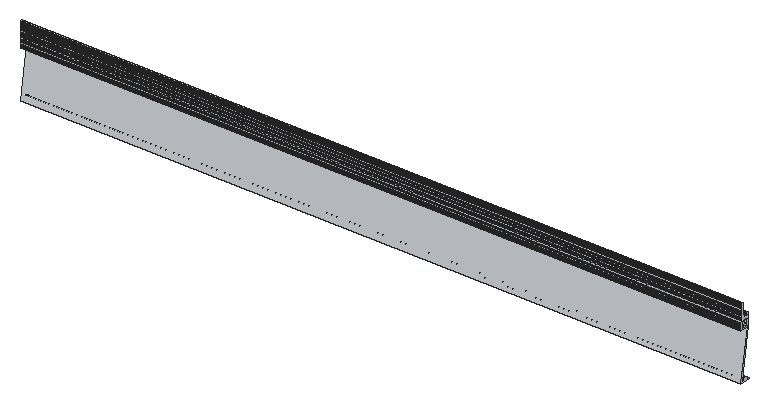
Revit family "Alcon-15244-A-Revit-Family", category Lighting Fixtures, Revit 2021
Family settings
  Round Connector Dimension = Use Diameter
  Part Type = Normal
  Work Plane-Based = No
  Always vertical = Yes
  Cut with Voids When Loaded = No
  Light Source = No
  Shared = No
  Room Calculation Point = No
Parameters (values of type "4'")
  Product Identity = "Alcon Lighting  15244-A"
  Manufacturer = "Alcon Light"
  Link To Product Page = "https://www.alconlighting.com/15244-a.html"
  Light Source = none
  Lens = none
  Lenght = 4' - 0"
  Housing = none
  Default Elevation = 0' - 0"
Types (5): name | Lenght
  (no name) | 4' - 0"
  2' | 2' - 0"
  3' | 3' - 0"
  4' | 4' - 0"
  6' | 6' - 0"
Reference planes (in)
  plane 1 "Center (Front/Back)": y = 0
  plane 2: z = 0
  plane 3 "Center (Left/Right)": x = 0
Forms (in)
  Extrusion 1, solid, material <- "Housing"
    sketch origin (0, 0, 0) x (0, 1, 0) y (0, 0, 1)
      loop
        line (0, 4) -> (-0.14066, 4) -> (-0.14066, 3.92871) -> (-0.069, 3.92871) -> (-0.069, 3.83442) -> (-0.21107, 3.83442)
        arc (-0.21107, 3.83442) -> (-0.24375, 3.72147) -> (-0.27644, 3.83442) r 0.06121
        line (-0.27644, 3.83442) -> (-0.40343, 3.83442) -> (-0.40343, 3.92871) -> (-0.33679, 3.92871) -> (-0.33679, 4) -> (-0.49, 4) -> (-0.49, 4.78381) -> (-0.56063, 4.78381) -> (-0.56176, 4.72889) -> (-0.52958, 4.72889) -> (-0.52958, 4.69725) -> (-0.56241, 4.69725) -> (-0.56352, 4.64361) -> (-0.53134, 4.64361) -> (-0.53134, 4.61196) -> (-0.56417, 4.61196) -> (-0.56556, 4.54421) -> (-0.53338, 4.54421) -> (-0.53338, 4.51256) -> (-0.56622, 4.51256) -> (-0.56766, 4.44246) -> (-0.53548, 4.44246) -> (-0.53548, 4.41082) -> (-0.56831, 4.41082) -> (-0.56975, 4.34072) -> (-0.53757, 4.34072) -> (-0.53757, 4.30907) -> (-0.5704, 4.30907) -> (-0.57185, 4.23898) -> (-0.53967, 4.23898) -> (-0.53967, 4.20733) -> (-0.5725, 4.20733) -> (-0.57394, 4.13723) -> (-0.54176, 4.13723) -> (-0.54176, 4.10559) -> (-0.57459, 4.10559) -> (-0.57603, 4.03549) -> (-0.54385, 4.03549) -> (-0.54385, 4.00384) -> (-0.57668, 4.00384) -> (-0.57813, 3.93375) -> (-0.54595, 3.93375) -> (-0.54595, 3.9021) -> (-0.57878, 3.9021) -> (-0.58022, 3.832) -> (-0.54804, 3.832) -> (-0.54804, 3.80035) -> (-0.58087, 3.80035) -> (-0.58232, 3.73026) -> (-0.55014, 3.73026) -> (-0.55014, 3.69861) -> (-0.58297, 3.69861) -> (-0.58441, 3.62851) -> (-0.55223, 3.62851) -> (-0.55223, 3.59687) -> (-0.58506, 3.59687) -> (-0.5865, 3.52677) -> (-0.55432, 3.52677) -> (-0.55432, 3.49512) -> (-0.58715, 3.49512) -> (-0.5886, 3.42503) -> (-0.55642, 3.42503) -> (-0.55642, 3.39338) -> (-0.58925, 3.39338) -> (-0.59069, 3.32328) -> (-0.55851, 3.32328) -> (-0.55851, 3.29164) -> (-0.59134, 3.29164) -> (-0.59242, 3.23919) -> (-0.63, 3.23919) -> (-0.63, 3.17381) -> (-0.54653, 3.17381) -> (-0.54653, 3.21844) -> (-0.50818, 3.25679) -> (-0.50818, 3.65031) -> (-0.09847, 3.65031) -> (-0.09847, 3.26298) -> (-0.07312, 3.21907) -> (-0.07312, 3.17639) -> (-0.6332, 0) -> (0, 0) -> (0, 0.06856) -> (-0.14646, 0.06856)
        arc (-0.14646, 0.06856) -> (-0.13199, 0.14438) -> (-0.17823, 0.20618) r 0.09561
        line (-0.17823, 0.20618) -> (-0.20724, 0.17717)
        arc (-0.20724, 0.17717) -> (-0.23686, 0.07938) -> (-0.26648, 0.17717) r 0.05338
        line (-0.26648, 0.17717) -> (-0.29549, 0.20618)
        arc (-0.29549, 0.20618) -> (-0.34173, 0.14438) -> (-0.32726, 0.06856) r 0.09561
        line (-0.32726, 0.06856) -> (-0.54314, 0.06856) -> (0, 3.14883) -> (0, 4)
    from 0 to 48
  Extrusion 2, solid, material <- "Lens"
    sketch origin (0, 0, 0) x (0, 1, 0) y (0, 0, 1)
      loop
        line (-0.54653, 3.17381) -> (-0.07312, 3.17381) -> (-0.07312, 3.21907) -> (-0.09847, 3.26298) -> (-0.09847, 3.4201) -> (-0.13354, 3.4201) -> (-0.13354, 3.21839) -> (-0.46504, 3.21839) -> (-0.46504, 3.4201) -> (-0.50818, 3.4201) -> (-0.50818, 3.25679) -> (-0.54653, 3.21844) -> (-0.54653, 3.17381)
    from 0 to 48
  Extrusion 3, solid, material <- "Light Source"
    sketch origin (0, 0, 0) x (0, 1, 0) y (0, 0, 1)
      loop
        line (-0.50818, 3.65031) -> (-0.50818, 3.60628) -> (-0.09847, 3.60628) -> (-0.09847, 3.65031) -> (-0.50818, 3.65031)
    from 0 to 48
Dimensions and locks (in)
  "Lenght": plane 3 "Center (Left/Right)" to Extrusion 1
  aligned and locked: plane 2 to level
  aligned and locked: Extrusion 1 to Extrusion 2
  aligned and locked: Extrusion 1 to Extrusion 3
Automatic sketch dimensions
  plane 1 "Center (Front/Back)" to Extrusion 2 sketch curve = 0' - 0.54653"
  Extrusion 2 sketch curve to Extrusion 2 sketch curve = 0' - 0.03835"  (x2)
  Extrusion 2 sketch curve to Extrusion 2 sketch curve = 0' - 0.04315"
  plane 1 "Center (Front/Back)" to Extrusion 2 sketch curve = 0' - 0.13354"
  Extrusion 2 sketch curve to Extrusion 2 sketch curve = 0' - 0.03507"
  plane 1 "Center (Front/Back)" to Extrusion 2 sketch curve = 0' - 0.07312"
  level to Extrusion 2 sketch curve = 0' - 3.17381"
  Extrusion 2 sketch curve to Extrusion 2 sketch curve = 0' - 0.04458"
  Extrusion 2 sketch curve to Extrusion 2 sketch curve = 0' - 0.04463"
  Extrusion 2 sketch curve to Extrusion 2 sketch curve = 0' - 0.04526"
  Extrusion 2 sketch curve to Extrusion 2 sketch curve = 0' - 0.04391"
  Extrusion 2 sketch curve to Extrusion 2 sketch curve = 0' - 0.15712"
  Extrusion 2 sketch curve to Extrusion 2 sketch curve = 0' - 0.16331"
  plane 1 "Center (Front/Back)" to Extrusion 3 sketch curve = 0' - 0.50818"
  plane 1 "Center (Front/Back)" to Extrusion 3 sketch curve = 0' - 0.09847"
  level to Extrusion 3 sketch curve = 0' - 3.60628"
  Extrusion 3 sketch curve to Extrusion 3 sketch curve = 0' - 0.04403"
  Extrusion 1 sketch curve to level = 0' - 0"
  Extrusion 1 sketch curve to plane 1 "Center (Front/Back)" = 0' - 0"  (x2)
  plane 1 "Center (Front/Back)" to Extrusion 1 sketch curve = 0' - 0.069"
  plane 1 "Center (Front/Back)" to Extrusion 1 sketch curve = 0' - 0.07312"
  Extrusion 1 sketch curve to Extrusion 1 sketch curve = 0' - 0.02535"
  Extrusion 1 sketch curve to Extrusion 1 sketch curve = 0' - 0.07166"
  plane 1 "Center (Front/Back)" to Extrusion 1 sketch curve = 0' - 0.14646"
  Extrusion 1 sketch curve to Extrusion 1 sketch curve = 0' - 0.03177"
  Extrusion 1 sketch curve to Extrusion 1 sketch curve = 0' - 0.02901"  (x2)
  Extrusion 1 sketch curve to Extrusion 1 sketch curve = 0' - 0.07041"
  Extrusion 1 sketch curve to Extrusion 1 sketch curve = 0' - 0.01791"
  Extrusion 1 sketch curve to Extrusion 1 sketch curve = 0' - 0 3/256"  (x2)
  Extrusion 1 sketch curve to Extrusion 1 sketch curve = 0' - 0.03269"  (x2)
  level to Extrusion 1 sketch curve = 0' - 0.17717"
  Extrusion 1 sketch curve to Extrusion 1 sketch curve = 0' - 0.02962"
  Extrusion 1 sketch curve to Extrusion 1 sketch curve = 0' - 0.07869"
  Extrusion 1 sketch curve to Extrusion 1 sketch curve = 0' - 0.06035"
  Extrusion 1 sketch curve to Extrusion 1 sketch curve = 0' - 0.06663"
  Extrusion 1 sketch curve to Extrusion 1 sketch curve = 0' - 0.08657"
  Extrusion 1 sketch curve to Extrusion 1 sketch curve = 0' - 0.40971"
  Extrusion 1 sketch curve to Extrusion 1 sketch curve = 0' - 0.03958"
  Extrusion 1 sketch curve to Extrusion 1 sketch curve = 0' - 0.00176"
  Extrusion 1 sketch curve to Extrusion 1 sketch curve = 0' - 0.00205"
  Extrusion 1 sketch curve to Extrusion 1 sketch curve = 0' - 0.00209"  (x9)
  level to Extrusion 1 sketch curve = 0' - 0.06856"
  Extrusion 1 sketch curve to Extrusion 1 sketch curve = 0' - 0.21587"
  Extrusion 1 sketch curve to Extrusion 1 sketch curve = 0' - 0.05385"
  Extrusion 1 sketch curve to Extrusion 1 sketch curve = 0' - 0.03835"  (x2)
  Extrusion 1 sketch curve to Extrusion 1 sketch curve = 0' - 0.04404"
  Extrusion 1 sketch curve to Extrusion 1 sketch curve = 0' - 0.05033"
  Extrusion 1 sketch curve to Extrusion 1 sketch curve = 0' - 0.03105"
  Extrusion 1 sketch curve to Extrusion 1 sketch curve = 0' - 0.04589"
  Extrusion 1 sketch curve to Extrusion 1 sketch curve = 0' - 0.03758"
  Extrusion 1 sketch curve to Extrusion 1 sketch curve = 0' - 0.09007"
  Extrusion 1 sketch curve to Extrusion 1 sketch curve = 0' - 0.06856"
  Extrusion 1 sketch curve to Extrusion 1 sketch curve = 0' - 0.0543"
  Extrusion 1 sketch curve to Extrusion 1 sketch curve = 0' - 0"
  Extrusion 1 sketch curve to Extrusion 1 sketch curve = 0' - 0.00989"
  Extrusion 1 sketch curve to Extrusion 1 sketch curve = 0' - 2.94265"
  Extrusion 1 sketch curve to Extrusion 1 sketch curve = 0' - 0.02498"
  Extrusion 1 sketch curve to Extrusion 1 sketch curve = 0' - 0.02755"
  Extrusion 1 sketch curve to Extrusion 1 sketch curve = 0' - 0.04463"
  Extrusion 1 sketch curve to Extrusion 1 sketch curve = 0' - 0.04269"
  Extrusion 1 sketch curve to Extrusion 1 sketch curve = 0' - 0.02074"
  Extrusion 1 sketch curve to Extrusion 1 sketch curve = 0' - 0.04391"
  Extrusion 1 sketch curve to Extrusion 1 sketch curve = 0' - 0.03485"
  Extrusion 1 sketch curve to Extrusion 1 sketch curve = 0' - 0.0701"  (x10)
  Extrusion 1 sketch curve to Extrusion 1 sketch curve = 0' - 0.03165"  (x15)
  Extrusion 1 sketch curve to Extrusion 1 sketch curve = 0' - 0.38733"
  Extrusion 1 sketch curve to Extrusion 1 sketch curve = 0' - 0.0483"
  Extrusion 1 sketch curve to Extrusion 1 sketch curve = 0' - 0.13236"
  Extrusion 1 sketch curve to Extrusion 1 sketch curve = 0' - 0.00242"
  Extrusion 1 sketch curve to Extrusion 1 sketch curve = 0' - 0.09429"  (x2)
  Extrusion 1 sketch curve to Extrusion 1 sketch curve = 0' - 0.06625"
  Extrusion 1 sketch curve to Extrusion 1 sketch curve = 0' - 0.07129"
  Extrusion 1 sketch curve to Extrusion 1 sketch curve = 0' - 0.00384"
  Extrusion 1 sketch curve to Extrusion 1 sketch curve = 0' - 0.06775"
  Extrusion 1 sketch curve to Extrusion 1 sketch curve = 0' - 0.05364"
  Extrusion 1 sketch curve to Extrusion 1 sketch curve = 0' - 0.05492"
  Extrusion 1 sketch curve to Extrusion 1 sketch curve = 0' - 0.03218"  (x6)
  Extrusion 1 sketch curve to Extrusion 1 sketch curve = 0' - 0.03283"  (x9)
  Extrusion 1 sketch curve to Extrusion 1 sketch curve = 0' - 0.00065"  (x15)
